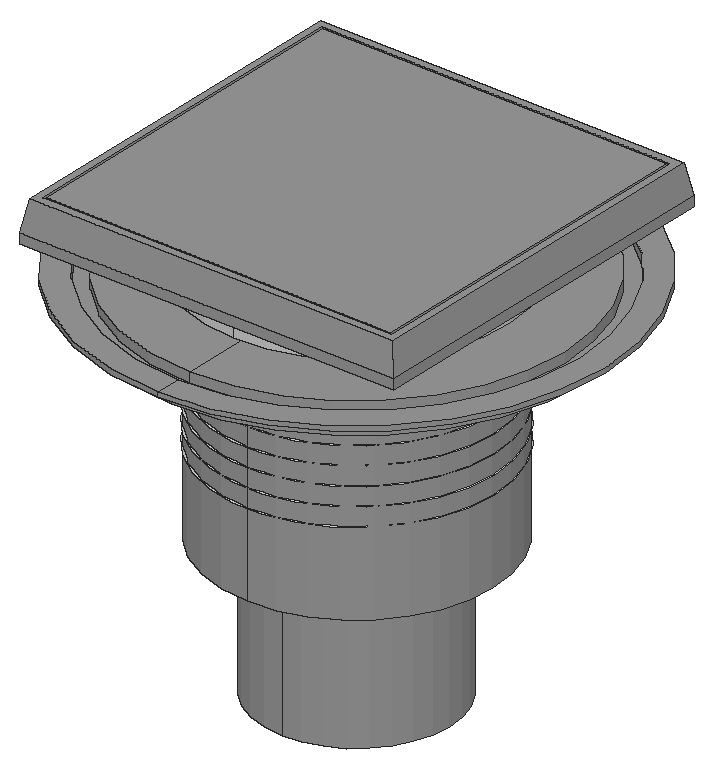
Revit family "_02HL_RU_Floor drain_HL310PrblueG", category Instalační zařizovací předměty, Revit 2021
Family settings
  Kóta kulaté spojky = Použít průměr
  Typ dílu = Normální
  Číslo OmniClass = 23.70.50.21.24.14
  Nadpis OmniClass = Deck Waste Water Drains
  Založené na pracovní rovině = Ne
  Vždy vertikální = Ano
  Ořezat dutým tvarem při načtení = Ne
  Sdílené = Ano
  Bod výpočtu místnosti = Ano
Parameters (values of type "HL310PrblueG")
  РЕШЁТКА = "137 x 137 mm / Guss"
  РАЗМЕР = "DN50/75/110"
  ПРОПУСКНАЯ СПОСОБНОСТЬ [instance] = 0.0 L/s
  ПРОИЗВОДИТЕЛЬНОСТЬ = "0,5 l/s"
  ПРАВОВАЯ ИНФОРМАЦИЯ = "Авторские права(©), права на дизайн или какие либо другие права интелектуальной собственности являются исключительной собственностью компании HL Hutterer & Lechner. Изменению не подлежит. Файл семейства с данными о прозводителе изделия защищен паролем с водяным знаком."  # constant formula
  Нормы = "EN 1253-8"
  НОМИНАЛЬНЫЙ ДИАМЕТР = 75 mm
  НАСАДКА = "34-78 mm / 150 x 150 mm / Guss"
  МАТЕРИАЛ = "PP, ABS, Guss"
  МАКСИМАЛЬНАЯ НАГРУЗКА КЛАССА = "L - 1,5 t"
  ВЫСОТА МОНТАЖА = "185 mm"
  ВЕС = "2,43 [kg]"
  Výrobce = "HL Hutterer & Lechner GmbH"  # constant formula
  EAN = "9003076052073"
  Výchozí výška = 0 mm
  URL = "https://www.hutterer-lechner.com/ru/products/catalog/Floor-drains/vertical/flange/HL310PrblueG.aspx"
  Tile Material [instance] = none
  Přípoj ventilace = no
  Přípoj odpadních dílů = yes
  Přípoj HW = no
  Přípoj CW = no
  Popis = "Трап для внутренних помещений"
  Model = "HL310PrblueG"
  Assembly Code = " "
  Komentáře k typům = "Трап для внутренних помещений DN50/75/110 вертикальный с запахозапирающим устройством Primus blue, 150х150мм/137х137мм чугун."
  Keynote = "HL310PrblueG"
  IH [instance] = Высота монтажа 1 + Высота монтажа 2  # 32 mm
  Высота монтажа 2 [instance] = 0 mm
  Высота монтажа 1 [instance] = 32 mm
  G [instance] = 180.00°  # constant formula
  D [instance] = if(НОМИНАЛЬНЫЙ ДИАМЕТР = 110 mm, IH - 5 mm, IH + 51 mm)  # 83 mm
  C [instance] = if(IH - 68 mm < 0 mm, 0 mm, IH - 68 mm)  # 0 mm
  B [instance] = 100 mm
  A [instance] = if(B - 100 mm > 15 mm, B - 100 mm, 15 mm)  # 15 mm
Reference planes
  plane 1 "Center (Front/Back)": y = 0
  plane 2: z = 0
  plane 3 "Center (Left/Right)": x = 0
  plane 4: z = -100
  plane 5: z = -32
  plane 6: z = -32
Lines and regions (mm)
  model lines, style "InvisibleLines"
    curve 1: line (0, 0, 0) -> (0, 0, 20)
  model lines, style "PlumbingFixtures", detail levels coarse+medium
    curve 2: line (0, 0, -100) -> (0, 0, -85)
    curve 3: line (0, 0, -85) -> (-85, 0, 0)
    curve 4: line (0, 0, -85) -> (85, 0, 0)
    curve 6: line (0, 0, -100) -> (0, 0, -183)
  reference lines, not visible
    curve 5: line (0, 0, -100) -> (0, 0, -183)
  symbolic lines, style "PlumbingFixtures", detail levels coarse+medium
    curve 7: line (-75, 75, 0) -> (75, 75, 0)
    curve 8: line (-75, -75, 0) -> (-75, 75, 0)
    curve 9: line (75, -75, 0) -> (-75, -75, 0)
    curve 10: line (75, 75, 0) -> (75, -75, 0)
    curve 11: line (-75, 75, 0) -> (-145.711, 145.711, 0)
    curve 12: line (75, 75, 0) -> (145.711, 145.711, 0)
    curve 13: line (-75, -75, 0) -> (-145.711, -145.711, 0)
    curve 14: line (75, -75, 0) -> (145.711, -145.711, 0)
  symbolic lines, style "PlumbingFixtures", not visible, detail levels coarse+medium
    curve 15: line (-75, 75, 0) -> (75, 75, 0)
    curve 16: line (-75, -75, 0) -> (-75, 75, 0)
    curve 17: line (75, -75, 0) -> (-75, -75, 0)
    curve 18: line (75, 75, 0) -> (75, -75, 0)
    curve 19: line (-75, 75, 0) -> (-145.711, 145.711, 0)
    curve 20: line (75, 75, 0) -> (145.711, 145.711, 0)
    curve 21: line (-75, -75, 0) -> (-145.711, -145.711, 0)
    curve 22: line (75, -75, 0) -> (145.711, -145.711, 0)
Text (mm)
  text "FLOOR" at (-162.344, 0, -10.979), in view "вид строительства"
Dimensions and locks
  "B": plane 2 to plane 4
  "IH": plane 2 to plane 5
  "A": curve 4 to plane 4
  "D": curve 5 to curve 5
  "D": curve 6 to curve 6
  "Высота монтажа 1": plane 2 to plane 6
  locked: curve 4 to plane 3 "Center (Left/Right)" (angle 45.00°)
  locked: plane 3 "Center (Left/Right)" to curve 3 (angle 45.00°)
  "G": angle curve 5 to plane 3 "Center (Left/Right)"
  aligned and locked: level to plane 2
  aligned and locked: plane 2 to curve 4
  aligned and locked: plane 2 to curve 3
  aligned and locked: plane 4 to curve 5
  aligned and locked: plane 3 "Center (Left/Right)" to curve 5
  aligned and locked: plane 4 to curve 2
  aligned and locked: plane 3 "Center (Left/Right)" to curve 6
  aligned and locked: plane 4 to curve 6
  aligned and locked: plane 1 "Center (Front/Back)" to nested 1
  aligned and locked: plane 3 "Center (Left/Right)" to nested 1
  aligned and locked: plane 1 "Center (Front/Back)" to nested 2
  aligned and locked: plane 3 "Center (Left/Right)" to nested 2
  aligned and locked: plane 1 "Center (Front/Back)" to nested 3
  aligned and locked: plane 3 "Center (Left/Right)" to nested 3
  aligned and locked: plane 1 "Center (Front/Back)" to nested 4
  aligned and locked: plane 3 "Center (Left/Right)" to nested 4
  aligned and locked: plane 5 to nested 2
Automatic sketch dimensions
  curve 2 to plane 3 "Center (Left/Right)" = 0 mm
  curve 1 to plane 3 "Center (Left/Right)" = 0 mm
  curve 1 to level = 0 mm
  level to curve 1 = 20 mm
Nested families
  nested 1: "HL-Насадная деталь-HL037G.2E" at (0, 0, 0), type "HL037G.2E_Main Component"
    with Высота монтажа 75 mm, RN 9, RL 58.5 mm, R yes, NL_Test yes, NL 95 mm
  nested 2: "HL-Корпус для трапа внутренних помещений-HL310K" at (0, 0, -32), type "HL310K_Main Component"
  nested 3: "HL-Решётка-HL037G.1E" at (0, 0, 0), type "HL037G.1E_Main Component"
  nested 4: "HL-Вкладыш сифона-HL0510.12E" at (0, 0, -8), type "HL0510.12E"
Connectors
  piping at (0, 0, -183), diameter 75, driven by "ПРОПУСКНАЯ СПОСОБНОСТЬ", driven by "НОМИНАЛЬНЫЙ ДИАМЕТР"
    settings: on curve 5, index 1, connector inside diameter 609.6 mm, connector length 0 mm, flow factor 0, pipe flow 0.0 L/s, pressure drop 0.0 Pa, fitting loss kfactor 0, connector angle 0.00°, fixture units 0, engagement length 0 mm, angle of deflection 0.00°, flow configuration 1, flow direction 2, fitting loss method 0, system type 16, joint type 0, gender type 0, connector reference index -1, connector utility 0, adjustable connector yes, is connector primary yes, connector description ""
Definition of nested family "HL-Насадная деталь-HL037G.2E"
  Parameters (values of type "HL037G.2E")
    РАЗМЕР = "d 110 mm"
    ПРАВОВАЯ ИНФОРМАЦИЯ = "Авторские права(©), права на дизайн или какие либо другие права интелектуальной собственности являются исключительной собственностью компании HL Hutterer & Lechner. Изменению не подлежит. Файл семейства с данными о прозводителе изделия защищен паролем с водяным знаком."  # constant formula
    НАСАДКА = "150x150mm"
    МАКСИМАЛЬНАЯ НАГРУЗКА КЛАССА = "A/L15 - 1,5 t"
    Высота монтажа [instance] = 75 mm
    ВЕС = "2,03 [kg]"
    Waste Connection = yes
    Default Elevation = 0 mm
    Vent Connection = no
    RD = 6.5 mm  # constant formula
    R [instance] = ((Высота монтажа - NL_Min) / RD - 1) > 2  # yes
    RL [instance] = RD * RN  # 58.5 mm
    NL_Test [instance] = and(or(Высота монтажа < NL_Max, Высота монтажа = NL_Max), or(Высота монтажа > NL_Min, Высота монтажа = NL_Min))  # yes
    NL_Min = 30 mm
    NL_Max = 95 mm
    NL [instance] = if(NL_Test, Высота монтажа + 20 mm, 0 mm)  # 95 mm
    RN [instance] = if((Высота монтажа + 20 mm - NL_Min) / RD - 1 < 2, 2, (Высота монтажа + 20 mm - NL_Min) / RD - 1)  # 9
    Manufacturer = "HL Hutterer & Lechner GmbH"  # constant formula
    URL = "http://www.hutterer-lechner.com/ru/Products/catalog/floor-drains/attachments/HL037G.2E.aspx"
    HW Connection = no
    Description = "Трапы для внутренних помещений - Комплектующие"
    Model = "HL037G.2E"
    Type Comments = "HL037G.2E Подрамники d 110 мм из чугуна 150х150 мм"
    Keynote = "HL037G.2E"
    EAN = "9003076025404"
    CW Connection = no
  Reference planes
    plane 1 "Center (Front/Back)": y = 0
    plane 2: z = 0
    plane 3 "Center (Left/Right)": x = 0
    plane 4 "Ball Joint Vertical": x = 25.45
    plane 5: z = -95
  Forms (mm)
    Extrusion 1, solid, detail levels fine
      sketch origin (0, 0, 0) x (1, 0, 0) y (0, 1, 0)
        loop
          line (-75, 75) -> (-75, -75) -> (75, -75) -> (75, 75) -> (-75, 75)
        loop
          circle (0, 0) r 50.15
      from -12 to -16
    Sweep 2, solid, detail levels fine
      path in 3D
        loop
          line (-75, 75, -12) -> (-75, -75, -12) -> (75, -75, -12) -> (75, 75, -12) -> (-75, 75, -12)
      profile origin (0, 75, -12) x (0, -1, 0) y (0, 0, 1)
        loop
          line (2.116, 12) -> (0, 0) -> (15, 0) -> (15, 4) -> (5, 4) -> (5, 12) -> (2.116, 12)
    Extrusion 3, solid, detail levels fine
      sketch origin (0, 0, 0) x (1, 0, 0) y (0, 1, 0)
        loop
          line (-60, 60) -> (-60, -60) -> (60, -60) -> (60, 60) -> (-60, 60)
        loop
          circle (0, 0) r 50.5
      from -8 to -12
    Revolve 4, solid, detail levels fine
      sketch origin (0, 0, 0) x (0, 1, 0) y (0, 0, 1)
        loop
          line (64.5, -16) -> (62.224, -16) -> (59.8, -18.424) -> (59.8, -27.8) -> (50.15, -27.8) -> (50.15, -29.5) -> (50.15, -95) -> (51.85, -95) -> (51.85, -29.5) -> (61.5, -29.5) -> (61.5, -19) -> (64.5, -16)
        axis (0, -16) -> (0, -95)
      angle from 0 to 360
  Cuts and joins
    joined: Extrusion 1, Sweep 2, Extrusion 3
  Lines and regions (mm)
    symbolic lines
      curve 1: line (0, 0, -95) -> (0, 0, 0)
    sketch lines
      curve 2: line (75, 75, -12) -> (-75, 75, -12)
      curve 3: line (75, -75, -12) -> (75, 75, -12)
      curve 4: line (-75, -75, -12) -> (75, -75, -12)
      curve 5: line (-75, 75, -12) -> (-75, -75, -12)
  Text (mm)
    text "ROOF/FLOOR" at (-198.233, 0, -26.556), in view "Drain Construction View"
  Dimensions and locks
    locked: plane 4 "Ball Joint Vertical" to plane 3 "Center (Left/Right)" at 25.45
    "NL": plane 2 to plane 5
    equal spacing: group 1, group 3, group 4, group 5, group 6, group 7, group 8, group 9, group 2  (x3)
    "RL": nested 2 to nested 1
    locked: nested 1 to plane 5 at 1.516
    aligned and locked: level to plane 2
    aligned and locked: plane 3 "Center (Left/Right)" to nested 1
    aligned and locked: plane 1 "Center (Front/Back)" to nested 1
    aligned and locked: plane 2 to curve 1
    aligned and locked: plane 5 to curve 1
    aligned and locked: plane 5 to Revolve 4
  Automatic sketch dimensions
    curve 1 to plane 4 "Ball Joint Vertical" = 25.45 mm
    Extrusion 1 sketch curve to Extrusion 1 sketch curve = 0 mm  (x2)
    plane 1 "Center (Front/Back)" to Extrusion 1 sketch curve = 0 mm
    Extrusion 1 sketch curve to plane 3 "Center (Left/Right)" = 0 mm
    Extrusion 1 sketch curve to plane 3 "Center (Left/Right)" = 75 mm
    plane 4 "Ball Joint Vertical" to Extrusion 1 sketch curve = 49.55 mm
    plane 1 "Center (Front/Back)" to Extrusion 1 sketch curve = 75 mm
    Extrusion 1 sketch curve to plane 1 "Center (Front/Back)" = 75 mm
    plane 1 "Center (Front/Back)" to Extrusion 1 sketch curve = 5.198 mm
    Extrusion 1 sketch curve to plane 3 "Center (Left/Right)" = 49.88 mm
    Extrusion 1 sketch curve to plane 1 "Center (Front/Back)" = 5.198 mm
    Sweep 2 sketch curve to profile plane = 0 mm  (x2)
    Sweep 2 sketch curve to profile plane = 2.116 mm
    Sweep 2 sketch curve to Sweep 2 sketch curve = 2.884 mm
    profile plane to Sweep 2 sketch curve = 4 mm
    Sweep 2 sketch curve to Sweep 2 sketch curve = 10 mm
    Sweep 2 sketch curve to Sweep 2 sketch curve = 8 mm
    Extrusion 3 sketch curve to Extrusion 3 sketch curve = 0 mm  (x2)
    plane 1 "Center (Front/Back)" to Extrusion 3 sketch curve = 0 mm
    Extrusion 3 sketch curve to plane 3 "Center (Left/Right)" = 0 mm
    Extrusion 3 sketch curve to plane 3 "Center (Left/Right)" = 60 mm
    plane 4 "Ball Joint Vertical" to Extrusion 3 sketch curve = 34.55 mm
    plane 1 "Center (Front/Back)" to Extrusion 3 sketch curve = 60 mm
    Extrusion 3 sketch curve to plane 1 "Center (Front/Back)" = 60 mm
    Extrusion 3 sketch curve to plane 1 "Center (Front/Back)" = 5.234 mm
    Extrusion 3 sketch curve to plane 3 "Center (Left/Right)" = 50.228 mm
    plane 1 "Center (Front/Back)" to Extrusion 3 sketch curve = 5.234 mm
    Revolve 4 sketch curve to plane 1 "Center (Front/Back)" = 0 mm
    Revolve 4 sketch curve to plane 1 "Center (Front/Back)" = 50.15 mm
    Revolve 4 sketch curve to Revolve 4 sketch curve = 1.7 mm  (x3)
    Revolve 4 sketch curve to Revolve 4 sketch curve = 7.95 mm
    Revolve 4 sketch curve to level = 16 mm
    Revolve 4 sketch curve to Revolve 4 sketch curve = 0.724 mm
    Revolve 4 sketch curve to Revolve 4 sketch curve = 2.276 mm
    Revolve 4 sketch curve to Revolve 4 sketch curve = 2.424 mm
    Revolve 4 sketch curve to Revolve 4 sketch curve = 0.576 mm
    Revolve 4 sketch curve to Revolve 4 sketch curve = 9.376 mm
    Revolve 4 sketch curve to Revolve 4 sketch curve = 0 mm
    Revolve 4 sketch curve to plane 5 = 0 mm
    Revolve 4 sketch curve to plane 5 = 60 mm
    level to Revolve 4 sketch curve = 50 mm
  Nested families
    nested 1: "Ring" at (0, 0, -93.484), visible <- "R", type "Ring"
    nested 2: "Ring" at (0, 0, -34.984), visible <- "R", type "Ring"
    nested 3: "Ring" at (0, 0, -86.171), visible <- "R", type "Ring"
    nested 4: "Ring" at (0, 0, -78.859), visible <- "R", type "Ring"
    nested 5: "Ring" at (0, 0, -71.546), visible <- "R", type "Ring"
    nested 6: "Ring" at (0, 0, -64.234), visible <- "R", type "Ring"
    nested 7: "Ring" at (0, 0, -56.921), visible <- "R", type "Ring"
    nested 8: "Ring" at (0, 0, -49.609), visible <- "R", type "Ring"
    nested 9: "Ring" at (0, 0, -42.296), visible <- "R", type "Ring"
  Definition of nested family "Ring"
    Parameters (values of type "Ring")
      Manufacturer = ""
      Default Elevation = 0 mm
      URL = ""
      R = D / 2  # 51.5 mm
      Description = ""
      Model = ""
      Material = none
      Type Comments = ""
      D = 103 mm
      Cost = 0
    Reference planes
      plane 1 "Střed (vpředu/vzadu)": y = 0
      plane 2: z = 0
      plane 3 "Střed (vlevo/vpravo)": x = 0
    Forms (mm)
      Revolve 1, solid, material <- "Material", detail levels fine
        sketch origin (0, 0, 0) x (1, 0, 0) y (0, 0, 1)
          loop
            line (-51.5, 1.482) -> (-54.764, 0) -> (-51.5, -1.516) -> (-51.5, 1.482)
          axis (0, 1.482) -> (0, -1.516)
        angle from 0 to 360
    Dimensions and locks
      "R": Revolve 1 sketch curve to plane 3 "Střed (vlevo/vpravo)"
      aligned and locked: level to plane 2
      aligned and locked: Revolve 1 sketch curve to plane 3 "Střed (vlevo/vpravo)"
    Automatic sketch dimensions
      Revolve 1 sketch curve to level = 0 mm
      Revolve 1 sketch curve to Revolve 1 sketch curve = 3.264 mm
      Revolve 1 sketch curve to level = 1.516 mm
      level to Revolve 1 sketch curve = 1.482 mm
      Revolve 1 sketch curve to level = 381 mm
      Revolve 1 sketch curve to Revolve 1 sketch curve = 2212.833 mm
Definition of nested family "HL-Корпус для трапа внутренних помещений-HL310K"
  Parameters (values of type "HL310K")
    РАЗМЕР = "DN50/75/110"
    ПРАВОВАЯ ИНФОРМАЦИЯ = "Авторские права(©), права на дизайн или какие либо другие права интелектуальной собственности являются исключительной собственностью компании HL Hutterer & Lechner. Изменению не подлежит. Файл семейства с данными о прозводителе изделия защищен паролем с водяным знаком."  # constant formula
    МАТЕРИАЛ = "PP"
    ВЫСОТА МОНТАЖА = "148 mm"
    ВЕС = "0,173 [kg]"
    Waste Connection = yes
    Default Elevation = 0 mm
    Vent Connection = no
    Manufacturer = "HL Hutterer & Lechner GmbH"  # constant formula
    URL = "https://www.hutterer-lechner.com/ru/products/catalog/Floor-drains/vertical/flange/HL310K.aspx"
    Assembly Code = ""
    HW Connection = no
    Description = "Трап для внутренних помещений"
    Model = "HL310K"
    Type Comments = "Корпус трапа для внутренних помещений DN50/75/110 вертикальный"
    Keynote = "HL310K"
    EAN = "9003076001781"
    CW Connection = no
  Reference planes
    plane 1 "Center (Front/Back)": y = 0
    plane 2: z = 0
    plane 3 "Center (Left/Right)": x = 0
    plane 4 "Ball Joint Vertical": x = 25.45
  Forms (mm)
    Revolve 1, solid, detail levels fine
      sketch origin (0, 0, 0) x (0, 1, 0) y (0, 0, 1)
        loop
          line (55.057, 0) -> (55.057, -20) -> (52.707, -20) -> (52.707, -92.996) -> (22.706, -92.996) -> (22.706, -95.159) -> (22.706, -151) -> (24.707, -151) -> (24.707, -95.159) -> (35.206, -95.159) -> (35.206, -151) -> (37.207, -151) -> (37.207, -95) -> (54.705, -95) -> (54.705, -24) -> (58.059, -24) -> (58.059, -7.5) -> (92.707, -7.5) -> (92.707, -2) -> (99.706, -2) -> (99.706, 0) -> (89.707, 0) -> (89.707, -4) -> (83.707, -4) -> (83.707, 0) -> (55.057, 0)
        axis (0, 0) -> (0, -151)
      angle from 0 to 360
  Text (mm)
    text "ROOF/FLOOR" at (-198.233, 0, -26.556), in view "вид строительства"
  Dimensions and locks
    locked: plane 4 "Ball Joint Vertical" to plane 3 "Center (Left/Right)" at 25.45
    aligned and locked: level to plane 2
Definition of nested family "HL-Решётка-HL037G.1E"
  Parameters (values of type "HL037G.1E")
    РАЗМЕР = "137x137mm"
    ПРАВОВАЯ ИНФОРМАЦИЯ = "Авторские права(©), права на дизайн или какие либо другие права интелектуальной собственности являются исключительной собственностью компании HL Hutterer & Lechner. Изменению не подлежит. Файл семейства с данными о прозводителе изделия защищен паролем с водяным знаком."  # constant formula
    МАТЕРИАЛ = "Gusseisen"
    МАКСИМАЛЬНАЯ НАГРУЗКА КЛАССА = "A/L15 - 1,5 t"
    ВЕС = "0,91 [kg]"
    Waste Connection = yes
    Default Elevation = 0 mm
    Vent Connection = no
    Manufacturer = "HL Hutterer & Lechner GmbH"  # constant formula
    URL = "http://www.hutterer-lechner.com/ru/Products/catalog/floor-drains/attachments/HL037G.1E.aspx"
    HW Connection = no
    Description = "Трапы для внутренних помещений - Комплектующие"
    Model = "HL037G.1E"
    Type Comments = "HL037G.1E Чугунные решетки для сливных отверстий 137х137мм"
    Keynote = "HL037G.1E"
    EAN = "9003076009046"
    CW Connection = no
  Reference planes
    plane 1 "Center (Front/Back)": y = 0
    plane 2: z = 0
    plane 3 "Center (Left/Right)": x = 0
    plane 4 "Ball Joint Vertical": x = 25.45
  Forms (mm)
    Extrusion 1, solid, detail levels fine
      sketch origin (0, 0, 0) x (1, 0, 0) y (0, 1, 0)
        loop
          line (-69, 69) -> (-69, -69) -> (69, -69) -> (69, 69) -> (-69, 69)
      from 0 to -8
  Lines and regions (mm)
    model lines, detail levels fine
      curve 1: line (-8.15, 4.25, 0) -> (-8.15, -4.25, 0)
      curve 2: line (-6.4, 1.625, 0) -> (-6.4, 4.25, 0)
      curve 3: line (-2.65, 0.875, 0) -> (-5.65, 0.875, 0)
      curve 4: line (-5.65, -0.875, 0) -> (-2.65, -0.875, 0)
      curve 5: line (-6.4, -4.25, 0) -> (-6.4, -1.625, 0)
      curve 6: line (-0.15, -4.25, 0) -> (-0.15, 4.25, 0)
      curve 7: line (1.65, 4.25, 0) -> (1.65, -4.25, 0)
      curve 8: line (3.4, -2.5, 0) -> (3.4, 4.25, 0)
      curve 9: line (7.4, -3.25, 0) -> (4.15, -3.25, 0)
      curve 10: line (2.4, -5, 0) -> (7.4, -5, 0)
      curve 11: arc (-8.15, -4.25, 0) -> (-7.275, -5.125, 0) -> (-6.4, -4.25, 0) r 0.875
      curve 12: arc (-8.15, 4.25, 0) -> (-7.275, 5.125, 0) -> (-6.4, 4.25, 0) r 0.875
      curve 13: arc (-6.4, 1.625, 0) -> (-6.18, 1.095, 0) -> (-5.65, 0.875, 0) r 0.75
      curve 14: arc (-5.65, -0.875, 0) -> (-6.18, -1.095, 0) -> (-6.4, -1.625, 0) r 0.75
      curve 15: arc (-2.65, -0.875, 0) -> (-2.12, -1.095, 0) -> (-1.9, -1.625, 0) r 0.75
      curve 16: arc (-2.65, 0.875, 0) -> (-2.12, 1.095, 0) -> (-1.9, 1.625, 0) r 0.75
      curve 17: arc (-1.9, 4.25, 0) -> (-1.025, 5.125, 0) -> (-0.15, 4.25, 0) r 0.875
      curve 18: arc (1.65, 4.25, 0) -> (2.525, 5.125, 0) -> (3.4, 4.25, 0) r 0.875
      curve 19: arc (7.4, -3.25, 0) -> (8.275, -4.125, 0) -> (7.4, -5, 0) r 0.875
      curve 20: arc (4.15, -3.25, 0) -> (3.62, -3.03, 0) -> (3.4, -2.5, 0) r 0.75
      curve 21: arc (1.65, -4.25, 0) -> (1.87, -4.78, 0) -> (2.4, -5, 0) r 0.75
      curve 22: arc (-1.9, -4.25, 0) -> (-1.025, -5.125, 0) -> (-0.15, -4.25, 0) r 0.875
      curve 23: line (-1.9, -1.625, 0) -> (-1.9, -4.25, 0)
      curve 24: line (-1.9, 1.625, 0) -> (-1.9, 4.25, 0)
      curve 25: line (-10.607, 16.263, 0) -> (-28.989, 34.646, 0)
      curve 26: line (-34.646, 28.989, 0) -> (-16.263, 10.607, 0)
      curve 27: line (-21.211, 38.181, 0) -> (-12.021, 28.991, 0)
      curve 28: line (-6.364, 34.648, 0) -> (-15.554, 43.838, 0)
      curve 29: line (-28.991, 12.021, 0) -> (-38.181, 21.211, 0)
      curve 30: line (-43.838, 15.554, 0) -> (-34.648, 6.364, 0)
      curve 31: arc (-43.838, 15.554, 0) -> (-43.838, 21.211, 0) -> (-38.181, 21.211, 0) r 4
      curve 32: arc (-28.991, 12.021, 0) -> (-28.991, 6.364, 0) -> (-34.648, 6.364, 0) r 4
      curve 33: arc (-34.646, 28.989, 0) -> (-34.646, 34.646, 0) -> (-28.989, 34.646, 0) r 4
      curve 34: arc (-16.263, 10.607, 0) -> (-10.607, 10.607, 0) -> (-10.607, 16.263, 0) r 4
      curve 35: arc (-12.021, 28.991, 0) -> (-6.364, 28.991, 0) -> (-6.364, 34.648, 0) r 4
      curve 36: arc (-21.211, 38.181, 0) -> (-21.211, 43.838, 0) -> (-15.554, 43.838, 0) r 4
      curve 37: line (16.263, 10.607, 0) -> (34.646, 28.989, 0)
      curve 38: line (28.989, 34.646, 0) -> (10.607, 16.263, 0)
      curve 39: line (38.181, 21.211, 0) -> (28.991, 12.021, 0)
      curve 40: line (34.648, 6.364, 0) -> (43.838, 15.554, 0)
      curve 41: line (12.021, 28.991, 0) -> (21.211, 38.181, 0)
      curve 42: line (15.554, 43.838, 0) -> (6.364, 34.648, 0)
      curve 43: arc (15.554, 43.838, 0) -> (21.211, 43.838, 0) -> (21.211, 38.181, 0) r 4
      curve 44: arc (12.021, 28.991, 0) -> (6.364, 28.991, 0) -> (6.364, 34.648, 0) r 4
      curve 45: arc (28.989, 34.646, 0) -> (34.646, 34.646, 0) -> (34.646, 28.989, 0) r 4
      curve 46: arc (10.607, 16.263, 0) -> (10.607, 10.607, 0) -> (16.263, 10.607, 0) r 4
      curve 47: arc (28.991, 12.021, 0) -> (28.991, 6.364, 0) -> (34.648, 6.364, 0) r 4
      curve 48: arc (38.181, 21.211, 0) -> (43.838, 21.211, 0) -> (43.838, 15.554, 0) r 4
      curve 49: line (-10.607, -16.263, 0) -> (-28.989, -34.646, 0)
      curve 50: line (-34.646, -28.989, 0) -> (-16.263, -10.607, 0)
      curve 51: line (-21.211, -38.181, 0) -> (-12.021, -28.991, 0)
      curve 52: line (-6.364, -34.648, 0) -> (-15.554, -43.838, 0)
      curve 53: line (-28.991, -12.021, 0) -> (-38.181, -21.211, 0)
      curve 54: line (-43.838, -15.554, 0) -> (-34.648, -6.364, 0)
      curve 55: arc (-43.838, -15.554, 0) -> (-43.838, -21.211, 0) -> (-38.181, -21.211, 0) r 4
      curve 56: arc (-28.991, -12.021, 0) -> (-28.991, -6.364, 0) -> (-34.648, -6.364, 0) r 4
      curve 57: arc (-34.646, -28.989, 0) -> (-34.646, -34.646, 0) -> (-28.989, -34.646, 0) r 4
      curve 58: arc (-16.263, -10.607, 0) -> (-10.607, -10.607, 0) -> (-10.607, -16.263, 0) r 4
      curve 59: arc (-12.021, -28.991, 0) -> (-6.364, -28.991, 0) -> (-6.364, -34.648, 0) r 4
      curve 60: arc (-21.211, -38.181, 0) -> (-21.211, -43.838, 0) -> (-15.554, -43.838, 0) r 4
      curve 61: line (16.263, -10.607, 0) -> (34.646, -28.989, 0)
      curve 62: line (28.989, -34.646, 0) -> (10.607, -16.263, 0)
      curve 63: line (38.181, -21.211, 0) -> (28.991, -12.021, 0)
      curve 64: line (34.648, -6.364, 0) -> (43.838, -15.554, 0)
      curve 65: line (12.021, -28.991, 0) -> (21.211, -38.181, 0)
      curve 66: line (15.554, -43.838, 0) -> (6.364, -34.648, 0)
      curve 67: arc (15.554, -43.838, 0) -> (21.211, -43.838, 0) -> (21.211, -38.181, 0) r 4
      curve 68: arc (12.021, -28.991, 0) -> (6.364, -28.991, 0) -> (6.364, -34.648, 0) r 4
      curve 69: arc (28.989, -34.646, 0) -> (34.646, -34.646, 0) -> (34.646, -28.989, 0) r 4
      curve 70: arc (10.607, -16.263, 0) -> (10.607, -10.607, 0) -> (16.263, -10.607, 0) r 4
      curve 71: arc (28.991, -12.021, 0) -> (28.991, -6.364, 0) -> (34.648, -6.364, 0) r 4
      curve 72: arc (38.181, -21.211, 0) -> (43.838, -21.211, 0) -> (43.838, -15.554, 0) r 4
    model lines
      curve 73: line (0, 0, 0) -> (0, 0, 100)
  Text (mm)
    text "ROOF/FLOOR" at (-198.233, 0, -26.556), in view "Drain Construction View"
  Dimensions and locks
    locked: plane 4 "Ball Joint Vertical" to plane 3 "Center (Left/Right)" at 25.45
    aligned and locked: level to plane 2
Definition of nested family "HL-Вкладыш сифона-HL0510.12E"
  Parameters (values of type "HL0510.12E")
    ПРАВОВАЯ ИНФОРМАЦИЯ = "Авторские права(©), права на дизайн или какие либо другие права интелектуальной собственности являются исключительной собственностью компании HL Hutterer & Lechner. Изменению не подлежит. Файл семейства с данными о прозводителе изделия защищен паролем с водяным знаком."  # constant formula
    МАТЕРИАЛ = "ABS"
    ВЕС = "0,141 [kg]"
    Waste Connection = yes
    Default Elevation = 0 mm
    Vent Connection = no
    Manufacturer = "HL Hutterer & Lechner GmbH"  # constant formula
    URL = "https://www.hutterer-lechner.com/ru/products/catalog/Floor-drains/HL0510.12E.aspx"
    Assembly Code = "Main Component"
    HW Connection = no
    Description = "Трап для внутренних помещений"
    Model = "HL0510.12E"
    Type Comments = "Вкладыш запахозапирающий Primus blue"
    Keynote = "HL0510.12E"
    EAN = "9003076051946"
    CW Connection = no
  Reference planes
    plane 1 "Center (Front/Back)": y = 0
    plane 2: z = 0
    plane 3 "Center (Left/Right)": x = 0
    plane 4 "Ball Joint Vertical": x = 25.45
  Forms (mm)
    Revolve 1, solid, detail levels fine
      sketch origin (0, 0, 0) x (1, 0, 0) y (0, 0, 1)
        loop
          circle (48.65, -8.59) r 2
        axis (0, -8.59) -> (0, -9.59)
      angle from 0 to 360
    Revolve 2, solid, detail levels fine
      sketch origin (0, 0, 0) x (1, 0, 0) y (0, 0, 1)
        loop
          line (53, 0) -> (44.65, 0) -> (44.65, -18.268) -> (32.15, -18.268) -> (32.15, -3.231) -> (33, -3.231) -> (33, 0) -> (0, 0) -> (0, -80) -> (41.65, -80) -> (41.65, -20.185) -> (46.763, -20.185) -> (46.763, -13.21) -> (49.702, -13.21) -> (49.702, -11.138) -> (46.65, -11.138) -> (46.65, -6.024) -> (49.7, -6.024) -> (49.7, -2) -> (53, -2) -> (53, 0)
        axis (0, 0) -> (0, -80)
      angle from 0 to 360
  Text (mm)
    text "ROOF/FLOOR" at (-198.233, 0, -26.556), in view "вид строительства"
  Dimensions and locks
    locked: plane 4 "Ball Joint Vertical" to plane 3 "Center (Left/Right)" at 25.45
    Revolve 1 sketch curve to plane 3 "Center (Left/Right)" = 48.65 mm
    Revolve 1 sketch curve to level = 8.59 mm
    Revolve 2 sketch curve to plane 3 "Center (Left/Right)" = 33 mm
    Revolve 2 sketch curve to plane 3 "Center (Left/Right)" = 32.15 mm
    plane 3 "Center (Left/Right)" to Revolve 2 sketch curve = 44.65 mm
    Revolve 2 sketch curve to plane 3 "Center (Left/Right)" = 41.65 mm
    Revolve 2 sketch curve to plane 3 "Center (Left/Right)" = 49.702 mm
    plane 3 "Center (Left/Right)" to Revolve 2 sketch curve = 46.65 mm
    Revolve 2 sketch curve to plane 3 "Center (Left/Right)" = 49.7 mm
    Revolve 2 sketch curve to plane 3 "Center (Left/Right)" = 53 mm
    aligned and locked: level to plane 2
    aligned and locked: plane 3 "Center (Left/Right)" to Revolve 1 sketch curve
    aligned and locked: plane 3 "Center (Left/Right)" to Revolve 2 sketch curve
